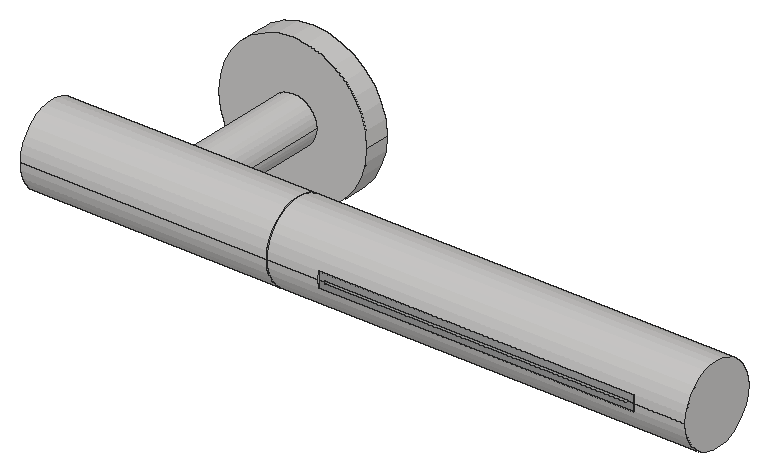
Revit family "080W", category Generic Models, Revit 2012
Parameters (values of type "Standard")
  e-mail = "info@vola.com"
  URL = "http://vola.com"
  Telephone = "+45 7023 5500"
  Quality management standard = ""
  Organisation no. / DUNS no. = "17531328"
  Occupational health and safety management standard = ""
  Mounting Instructions = ""
  Model = ""
  Materials and components information = ""
  Manufacturer = "VOLA A/S"
  Maintenance Instructions = ""
  Guarantee = ""
  Flow = ""
  Environmental management standard = ""
  Connection - All relevant connections = ""
  Approvals = ""
Reference planes
  plane 1 "Center (Front/Back)": y = 0
  plane 2: z = 0
  plane 3 "Center (Left/Right)": x = 0
Forms (mm)
  Extrusion 1, solid, material "Stainless Steel"
    sketch origin (0, 0, 0) x (1, 0, 0) y (0, 0, 1)
      loop
        circle (0, 0) r 30
    from 0 to 10
  Extrusion 2, solid, material "Stainless Steel"
    sketch origin (0, -10, 0) x (1, 0, 0) y (0, 0, 1)
      loop
        circle (0, 0) r 9.5
    from 60 to 0
  Extrusion 3, solid, material "Stainless Steel"
    sketch origin (0, 0, 0) x (0, 1, 0) y (0, 0, 1)
      loop
        circle (-70, 0) r 16
    from -50 to 50
  Extrusion 4, solid, material "Stainless Steel"
    sketch origin (50, 0, 0) x (0, 1, 0) y (0, 0, 1)
      loop
        circle (-70, 0) r 16
    from 0 to 170
  Extrusion 5, void
    sketch origin (0, -70, 0) x (-1, 0, 0) y (0, 0, 1)
      loop
        line (-71, 3) -> (-199, 3) -> (-199, -3) -> (-71, -3) -> (-71, 3)
    from -16 to 0
  Extrusion 6, solid, material "Grey Coating"
    sketch origin (71, -70, 14.744) x (0, 0, 1) y (0, -1, 0)
      loop
        arc (-14.744, 16) -> (-16.251, 15.929) -> (-17.744, 15.716) r 16
        line (-17.744, 15.716) -> (-17.744, 0) -> (-11.744, 0) -> (-11.744, 15.716)
        arc (-11.744, 15.716) -> (-13.237, 15.929) -> (-14.744, 16) r 16
    from 0 to 128
  Extrusion 7, void
    sketch origin (71, -70, -3) x (0, 0, -1) y (1, 0, 0)
      loop
        line (-3.5, 2.5) -> (-2.5, 2.5) -> (-2.5, 125.5) -> (-3.5, 125.5) -> (-3.5, 2.5)
    from 0 to 19.312
Cuts and joins
  Extrusion 5 cuts Extrusion 4
  joined: Extrusion 2, Extrusion 3
  Extrusion 7 cuts Extrusion 6
Dimensions and locks
  aligned and locked: plane 2 to level
